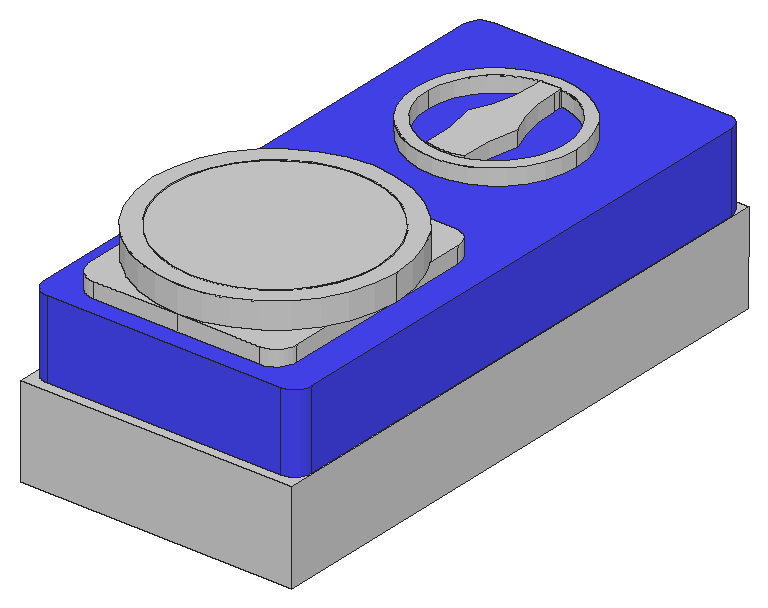
Revit family "Building-ConnessioniIEC309-GEWISS-67IB-PRESE-INTERBLOCCATE_IP67_CON_FONDO", category Apparecchi elettrici, host Superficie, Revit 2019
Family settings
  Host = Superficie
  Mantenere orientamento annotazione = Sì
  Quota connettore circolare = Usa diametro
  Tipo di parte = Normale
  Taglio con vuoti quando caricato = Sì
  Condiviso = Sì
  Punto di calcolo locali = Sì
Parameters (values of type "GW66257N - PR.BL IP67 C.F.3P+T 32A 380V 3H SBF")
  presa = Giallo
  giallo = 0 mm
  dist_piano [instance] = 27 mm
  Vista_2d_pianta [instance] = yes
  Versione file RFA = "21.4"
  URL = "https://www.gewiss.com/it/it"
  Tipologia = "Verticale"
  Termopressione con biglia = "125 °C (Presa IB) - 80 °C (Cassetta di fondo)"
  Tensione nominale: = "380 - 440 V"
  Tensione nominale = "380 - 440 V"
  Temperatura di utilizzo = "-25 +40 °C"
  Temperatura di funzionamento = "-25 ÷ +40 °C"
  Struttura = Grigio RAL - 7035
  Simbolo presa = PRESAINDSTAGNA : 3P
  Simbolo [instance] = yes
  Simb_circuito [instance] = not(Simbolo)  # no
  Scheda Tecnica = "https://www.gewiss.com/it/it/search?q=GW66257N"
  SEO = "Presa"
  Riferimento h = "3"
  Resistenza agli urti = "IK08"
  Protezione = "NO (SBF)"
  Default Elevation = 1219.2 mm
  Produttore = "GEWISS S.p.A."
  Numero di poli = "3P+T"
  N. poli = "3P+T"
  Modello = "GW66257N"
  Immagine tipo = E.jpg
  IDT = "80fd8aa3-f4ad-4bf9-871a-178f60767a59"
  IDF = "2488cdfe-ec7b-4723-8311-f4c1a43a8eac"
  Grado di protezione = "IP67"
  Glow wire test: = "850 °C (Presa IB) - 650 °C (Cassetta di fondo)"
  Glow Wire Test = "850 °C (Presa IB) - 650 °C (Cassetta di fondo)"
  Frequenza nominale (Hz) = "50/60 Hz"
  Frequenza = "50/60 Hz"
  Distanza x [instance] = 0 mm
  Distanza orizzontale simbolo [instance] = 100 mm
  Distanza effettiva x [instance] = 1500 mm - Distanza x  # 1500 mm
  Descrizione = "PR.BL IP67 C.F.3P+T 32A 380V 3H SBF"
  Creato da GEWISS S.p.A. = ""
  Corrente nominale (In) = "32"
  Corrente nominale (A) = "32"
  Corpo presa = GEWISS -BLU
  Cornice simbolo [instance] = yes
  Con fondo = "Si"
  Colore: = "Rosso"
  Colore = "Rosso"
  Codice Electrocod = "2222"
  Codice EAN = "8011564741522"
  Catalogo Serie = "67 IB"
  Catalogo = "BUILDING"
  COBie.Tagnumber = ""
  COBie.CreatedOn = ""
  COBie.CreatebBy = ""
  COBie.ComponentRegisterItemID = ""
  COBie.Component.TagNumber = ""
  COBie.Component.Space = ""
  COBie.Component.SerialNumber = ""
  COBie.Component.InstallationDate = ""
  COBie.Component.Description = ""
  COBie.Component.BarCode = ""
Types (23, lengths in mm): name | Tensione nominale: | Tensione nominale | Scheda Tecnica | Riferimento h | Numero di poli | N. poli | Modello | IDT | Descrizione | Corrente nominale (In) | Corrente nominale (A) | Colore: | Colore | Codice EAN
  GW66201N - PR.BL IP67 C.F.2P+T 16A 110V 4H SBF | "100 - 130 V" | "100 - 130 V" | "https://www.gewiss.com/it/it/search?q=GW66201N" | "4" | "2P+T" | "2P+T" | "GW66201N" | "cb72f7f9-7f0a-4201-b84c-91c5823f1453" | "PR.BL IP67 C.F.2P+T 16A 110V 4H SBF" | "16" | "16" | "Giallo" | "Giallo" | "8011564741140"
  GW66202N - PR.BL IP67 C.F.3P+T 16A 110V 4H SBF | "100 - 130 V" | "100 - 130 V" | "https://www.gewiss.com/it/it/search?q=GW66202N" | "4" | "3P+T" | "3P+T" | "GW66202N" | "0dcf502c-be8a-42b9-862e-1ccab0f64fc5" | "PR.BL IP67 C.F.3P+T 16A 110V 4H SBF" | "16" | "16" | "Giallo" | "Giallo" | "8011564741157"
  GW66203N - PR.BL IP67 C.F.3P+N+T 16A 110V 4H SBF | "100 - 130 V" | "100 - 130 V" | "https://www.gewiss.com/it/it/search?q=GW66203N" | "4" | "3P+N+T" | "3P+N+T" | "GW66203N" | "184d86d9-e7c0-408f-9c79-38152dc5fee9" | "PR.BL IP67 C.F.3P+N+T 16A 110V 4H SBF" | "16" | "16" | "Giallo" | "Giallo" | "8011564741164"
  GW66204N - PR.BL IP67 C.F.2P+T 16A 230V 6H SBF | "200 - 250 V" | "200 - 250 V" | "https://www.gewiss.com/it/it/search?q=GW66204N" | "6" | "2P+T" | "2P+T" | "GW66204N" | "2d209267-ed0d-4b69-82c9-7923641b8c07" | "PR.BL IP67 C.F.2P+T 16A 230V 6H SBF" | "16" | "16" | "Blu" | "Blu" | "8011564741171"
  GW66205N - PR.BL IP67 C.F.3P+T 16A 230V 9H SBF | "200 - 250 V" | "200 - 250 V" | "https://www.gewiss.com/it/it/search?q=GW66205N" | "9" | "3P+T" | "3P+T" | "GW66205N" | "94303877-47f4-4a12-aa2e-2e71f98f0ca8" | "PR.BL IP67 C.F.3P+T 16A 230V 9H SBF" | "16" | "16" | "Blu" | "Blu" | "8011564741188"
  GW66206N - PR.BL IP67 C.F.3P+N+T 16A 230V 9H SBF | "200 - 250 V" | "200 - 250 V" | "https://www.gewiss.com/it/it/search?q=GW66206N" | "9" | "3P+N+T" | "3P+N+T" | "GW66206N" | "59d94051-639b-4998-84aa-8bc0263cbf89" | "PR.BL IP67 C.F.3P+N+T 16A 230V 9H SBF" | "16" | "16" | "Blu" | "Blu" | "8011564741195"
  GW66207N - PR.BL IP67 C.F.2P+T 16A 400V 9H SBF | "380 - 415 V" | "380 - 415 V" | "https://www.gewiss.com/it/it/search?q=GW66207N" | "9" | "2P+T" | "2P+T" | "GW66207N" | "16237c7b-8100-457f-99f2-64cdd3f1f873" | "PR.BL IP67 C.F.2P+T 16A 400V 9H SBF" | "16" | "16" | "Rosso" | "Rosso" | "8011564741201"
  GW66208N - PR.BL IP67 C.F.3P+T 16A 400V 6H SBF | "380 - 415 V" | "380 - 415 V" | "https://www.gewiss.com/it/it/search?q=GW66208N" | "6" | "3P+T" | "3P+T" | "GW66208N" | "c2f29120-7b4f-480f-8c95-4800a6710925" | "PR.BL IP67 C.F.3P+T 16A 400V 6H SBF" | "16" | "16" | "Rosso" | "Rosso" | "8011564741218"
  GW66209N - PR.BL IP67 C.F.3P+N+T 16A 400V 6H SBF | "380 - 415 V" | "380 - 415 V" | "https://www.gewiss.com/it/it/search?q=GW66209N" | "6" | "3P+N+T" | "3P+N+T" | "GW66209N" | "5272793f-973f-4159-b80c-743e6c77a5fb" | "PR.BL IP67 C.F.3P+N+T 16A 400V 6H SBF" | "16" | "16" | "Rosso" | "Rosso" | "8011564742512"
  GW66210N - PR.BL IP67 C.F.3P+T 16A 500V 7H SBF | "480 - 500 V" | "480 - 500 V" | "https://www.gewiss.com/it/it/search?q=GW66210N" | "7" | "3P+T" | "3P+T" | "GW66210N" | "19fd7598-134e-4528-aa06-66329b52d1c4" | "PR.BL IP67 C.F.3P+T 16A 500V 7H SBF" | "16" | "16" | "Nero" | "Nero" | "8011564741225"
  GW66211N - PR.BL IP67 C.F.3P+N+T 16A 500V 7H SBF | "480 - 500 V" | "480 - 500 V" | "https://www.gewiss.com/it/it/search?q=GW66211N" | "7" | "3P+N+T" | "3P+N+T" | "GW66211N" | "1291eb7b-8ece-4366-82a7-713bd9d4c5bd" | "PR.BL IP67 C.F.3P+N+T 16A 500V 7H SBF" | "16" | "16" | "Nero" | "Nero" | "8011564741232"
  GW66212N - PR.BL IP67 C.F.2P+T 32A 110V 4H SBF | "100 - 130 V" | "100 - 130 V" | "https://www.gewiss.com/it/it/search?q=GW66212N" | "4" | "2P+T" | "2P+T" | "GW66212N" | "a7014485-88cd-4663-90c1-d45883ee1a3e" | "PR.BL IP67 C.F.2P+T 32A 110V 4H SBF" | "32" | "32" | "Giallo" | "Giallo" | "8011564741249"
  GW66213N - PR.BL IP67 C.F.3P+T 32A 110V 4H SBF | "100 - 130 V" | "100 - 130 V" | "https://www.gewiss.com/it/it/search?q=GW66213N" | "4" | "3P+T" | "3P+T" | "GW66213N" | "773868ec-4e90-4d60-993f-5d3613b83e74" | "PR.BL IP67 C.F.3P+T 32A 110V 4H SBF" | "32" | "32" | "Giallo" | "Giallo" | "8011564741256"
  GW66214N - PR.BL IP67 C.F.3P+N+T 32A 110V 4H SBF | "100 - 130 V" | "100 - 130 V" | "https://www.gewiss.com/it/it/search?q=GW66214N" | "4" | "3P+N+T" | "3P+N+T" | "GW66214N" | "73b4fe93-8f5d-489d-b8ff-9db2277967e4" | "PR.BL IP67 C.F.3P+N+T 32A 110V 4H SBF" | "32" | "32" | "Giallo" | "Giallo" | "8011564741263"
  GW66215N - PR.BL IP67 C.F.2P+T 32A 230V 6H SBF | "200 - 250 V" | "200 - 250 V" | "https://www.gewiss.com/it/it/search?q=GW66215N" | "6" | "2P+T" | "2P+T" | "GW66215N" | "7c5a2dbc-7661-409a-8cde-4fe3c43c9152" | "PR.BL IP67 C.F.2P+T 32A 230V 6H SBF" | "32" | "32" | "Blu" | "Blu" | "8011564742529"
  GW66216N - PR.BL IP67 C.F.3P+T 32A 230V 9H SBF | "200 - 250 V" | "200 - 250 V" | "https://www.gewiss.com/it/it/search?q=GW66216N" | "9" | "3P+T" | "3P+T" | "GW66216N" | "75a60151-02e0-469f-b5ab-243369899699" | "PR.BL IP67 C.F.3P+T 32A 230V 9H SBF" | "32" | "32" | "Blu" | "Blu" | "8011564741270"
  GW66217N - PR.BL IP67 C.F.3P+N+T 32A 230V 9H SBF | "200 - 250 V" | "200 - 250 V" | "https://www.gewiss.com/it/it/search?q=GW66217N" | "9" | "3P+N+T" | "3P+N+T" | "GW66217N" | "5c5219e3-570c-4b37-9c26-ccd0f91db2a3" | "PR.BL IP67 C.F.3P+N+T 32A 230V 9H SBF" | "32" | "32" | "Blu" | "Blu" | "8011564741287"
  GW66218N - PR.BL IP67 C.F.2P+T 32A 400V 9H SBF | "380 - 415 V" | "380 - 415 V" | "https://www.gewiss.com/it/it/search?q=GW66218N" | "9" | "2P+T" | "2P+T" | "GW66218N" | "a4f0a363-67a0-45a1-9c56-2c7c671ed975" | "PR.BL IP67 C.F.2P+T 32A 400V 9H SBF" | "32" | "32" | "Rosso" | "Rosso" | "8011564741294"
  GW66219N - PR.BL IP67 C.F.3P+T 32A 400V 6H SBF | "380 - 415 V" | "380 - 415 V" | "https://www.gewiss.com/it/it/search?q=GW66219N" | "6" | "3P+T" | "3P+T" | "GW66219N" | "1c875823-1061-4501-9153-9b2197ee7e05" | "PR.BL IP67 C.F.3P+T 32A 400V 6H SBF" | "32" | "32" | "Rosso" | "Rosso" | "8011564741300"
  GW66220N - PR.BL IP67 C.F.3P+N+T 32A 400V 6H SBF | "380 - 415 V" | "380 - 415 V" | "https://www.gewiss.com/it/it/search?q=GW66220N" | "6" | "3P+N+T" | "3P+N+T" | "GW66220N" | "c5cbd72d-c6c8-4fd0-95f8-4c2e169d80bd" | "PR.BL IP67 C.F.3P+N+T 32A 400V 6H SBF" | "32" | "32" | "Rosso" | "Rosso" | "8011564742536"
  GW66221N - PR.BL IP67 C.F.3P+T 32A 500V 7H SBF | "480 - 500 V" | "480 - 500 V" | "https://www.gewiss.com/it/it/search?q=GW66221N" | "7" | "3P+T" | "3P+T" | "GW66221N" | "7d925fd4-6606-4eae-84f8-1c0747b0b52f" | "PR.BL IP67 C.F.3P+T 32A 500V 7H SBF" | "32" | "32" | "Nero" | "Nero" | "8011564741317"
  GW66222N - PR.BL IP67 C.F.3P+N+T 32A 500V 7H SBF | "480 - 500 V" | "480 - 500 V" | "https://www.gewiss.com/it/it/search?q=GW66222N" | "7" | "3P+N+T" | "3P+N+T" | "GW66222N" | "18a484ed-e1bc-4810-9d09-e7b52835ea61" | "PR.BL IP67 C.F.3P+N+T 32A 500V 7H SBF" | "32" | "32" | "Nero" | "Nero" | "8011564741324"
  GW66257N - PR.BL IP67 C.F.3P+T 32A 380V 3H SBF | "380 - 440 V" | "380 - 440 V" | "https://www.gewiss.com/it/it/search?q=GW66257N" | "3" | "3P+T" | "3P+T" | "GW66257N" | "80fd8aa3-f4ad-4bf9-871a-178f60767a59" | "PR.BL IP67 C.F.3P+T 32A 380V 3H SBF" | "32" | "32" | "Rosso" | "Rosso" | "8011564741522"
Reference planes
  plane 1 "Centro (Fronte/Retro)": y = 0
  plane 2: z = 0
  plane 3 "Centro (Sinistra/Destra)": x = 0
  plane 4: z = -2
  plane 5: x = 0
  plane 6: x = -1500
  plane 7: x = 0
  plane 8: through (-170.762, -4572, -38.353) normal (-0.6157, 0, 0.788)
  plane 9: x = -51.152
  plane 10: x = 53.222
  plane 11: z = 60
  plane 12: y = -110
  plane 13: y = 110
  plane 14: z = 25
  plane 15: z = 107
Forms (mm)
  Extrusion 1, solid, detail levels coarse
    sketch origin (0, 0, 0) x (1, 0, 0) y (0, 0, 1)
      loop
        line (-51.152, 107) -> (-51.152, 25) -> (53.222, 25) -> (53.222, 107) -> (-51.152, 107)
    from -108.895 to 109.105
  Extrusion 2, solid, material "Grigio RAL - 7035" <- "Struttura"
    sketch origin (0, 0, 0) x (0, 1, 0) y (0, 0, 1)
      loop
        line (-110, 25) -> (110, 25) -> (110, 60) -> (-110, 60) -> (-110, 25)
    from -51.152 to 53.222
Lines and regions (mm)
  Masking region 1, visible <- "Vista_2d_pianta"
    outline origin (0, 0, 0) x (1, 0, 0) y (0, 0, 1)
      loop
        line (-50.384, 90) -> (-50.384, 60) -> (52.616, 60) -> (52.616, 90) -> (-50.384, 90)
  Masking region 2, visible <- "Vista_2d_pianta"
    outline origin (0, 0, 0) x (1, 0, 0) y (0, 0, 1)
      loop
        line (-40, 96) -> (-40, 90) -> (40, 90) -> (40, 96) -> (-40, 96)
  Masking region 3, visible <- "Vista_2d_pianta"
    outline origin (0, 0, 0) x (1, 0, 0) y (0, 0, 1)
      loop
        line (-46.899, 96) -> (46.899, 96) -> (46.899, 106) -> (-46.899, 106) -> (-46.899, 96)
  Masking region 4, visible <- "Vista_2d_pianta"
    outline origin (0, 0, 0) x (1, 0, 0) y (0, 0, 1)
      loop
        line (-51.152, 25) -> (53.222, 25) -> (53.222, 60) -> (-51.152, 60) -> (-51.152, 25)
Dimensions and locks
  locked: plane 2 to plane 4 at 2
  "Distanza effettiva x": plane 5 to plane 6
  plane 3 "Centro (Sinistra/Destra)" to plane 6 = 1500 mm
  plane 6 to plane 5 = 1500 mm
  "Distanza effettiva x": plane 6 to plane 7
  locked: plane 9 to Masking region 1 at 0.768
  locked: Masking region 1 to plane 10 at 0.606
  "dist_piano": plane 14 to plane 4
  equal spacing: plane 12, plane 1 "Centro (Fronte/Retro)", plane 13
  locked: plane 12 to plane 13 at 220
  locked: plane 11 to plane 14 at 35
  locked: plane 15 to plane 11 at 47
  angle plane 8 to plane 4 = 142.00°
  angle plane 7 to plane 8 = 128.00°
  aligned and locked: plane 2 to host face
  aligned and locked: level to host face
  aligned and locked: plane 3 "Centro (Sinistra/Destra)" to nested 1
  aligned and locked: Masking region 1 sketch curve to nested 1  (x4)
  aligned and locked: Masking region 2 sketch curve to nested 1  (x4)
  aligned and locked: Extrusion 1 sketch curve to plane 9
  aligned and locked: Extrusion 1 sketch curve to plane 10
  aligned and locked: nested 1 to plane 11
  aligned and locked: Masking region 3 sketch curve to nested 1  (x4)
  aligned and locked: Extrusion 2 sketch curve to plane 14
  aligned and locked: plane 12 to Extrusion 2 sketch curve
  aligned and locked: Extrusion 2 sketch curve to plane 11
  aligned and locked: plane 13 to Extrusion 2 sketch curve
  aligned and locked: plane 9 to Extrusion 2
  aligned and locked: Extrusion 2 to plane 10
  aligned and locked: Extrusion 1 to plane 14
  aligned and locked: Masking region 4 sketch curve to Extrusion 1
  aligned and locked: Extrusion 1 to Masking region 4 sketch curve
  aligned and locked: Masking region 4 sketch curve to Extrusion 2  (x2)
  aligned and locked: plane 15 to Extrusion 1
  aligned and locked: plane 7 to nested 2
  aligned and locked: plane 7 to nested 3
Automatic sketch dimensions
  host sketch curve to host sketch curve = 2438.4 mm  (x2)
  Extrusion 1 sketch curve to plane 11 = 35 mm
  plane 11 to Extrusion 1 sketch curve = 47 mm
Nested families
  nested 1: "IB PRESE INTERBLOC VERT_NO FONDO" at (0, 0, 60), type "IB PRESE INTERBLOC VERT_NO FONDO", detail levels medium+fine
  nested 2: "simbolo_circuitoGW66201N" at (0, 30.442, 0), Distanza dal muro <- "Distanza orizzontale simbolo", SIMBOLO ACCESO <- "Simb_circuito", type "3P"
    with SIMBOLO ACCESO no, Distanza dal muro 100 mm, BORDO ACCESO yes
  nested 3: "PRESAINDSTAGNA" at (0, 23.722, 0), Distanza dal muro <- "Distanza orizzontale simbolo", SIMBOLO ACCESO <- "Simbolo", type "3P"
    with SIMBOLO ACCESO yes, Distanza dal muro 100 mm, BORDO ACCESO yes
Definition of nested family "IB PRESE INTERBLOC VERT_NO FONDO"
  Parameters (values of type "IB PRESE INTERBLOC VERT_NO FONDO")
    corpo presa = none
    Struttura = none
    Spessore = 30 mm
    Raggio = 40 mm
    Default Elevation = 14 mm
    Presa = none
    Lunghezza = 103 mm
    IFC.TypeObject = ""
    IFC.ExportType = ""
    IFC.ExportAs = ""
    H_da terra = 586.883 mm
    COBie.CreatedOn = ""
    COBie.CreatebBy = ""
    COBie.ComponentRegisterItemID = ""
    COBie.Component.TagNumber = ""
    COBie.Component.Space = ""
    COBie.Component.SerialNumber = ""
    COBie.Component.InstallationDate = ""
    COBie.Component.Description = ""
    COBie.Component.BarCode = ""
    Altezza = 220 mm
  Reference planes
    plane 1 "Centro (Fronte/Retro)": y = 0
    plane 2: z = 0
    plane 3 "Centro (Sinistra/Destra)": x = 0
    plane 4: z = 6.883
    plane 5: z = 10.499
    plane 6 "presa": z = 46
    plane 7: z = 36
    plane 8: z = 30
    plane 9: x = -40
    plane 10: x = 40
    plane 11: y = -5.355
    plane 12: y = -98.612
    plane 13: y = -51.359
  Forms (mm)
    Extrusion 1, solid, material <- "Struttura"
      sketch origin (0, -697.104, -30) x (1, 0, 0) y (0, 1, 0)
        loop
          line (-0.408, 691.748) -> (-32.003, 691.748)
          spline (-32.003, 691.748) -> (-33.047, 691.681) -> (-34.073, 691.48) -> (-35.063, 691.148) -> (-36.002, 690.693) -> (-36.871, 690.12) -> (-37.658, 689.441) -> (-38.347, 688.666) -> (-38.929, 687.809) -> (-39.391, 686.885) -> (-39.728, 685.909) -> (-39.932, 684.898) -> (-40, 683.87)
          line (-40, 683.87) -> (-40, 606.37)
          spline (-40, 606.37) -> (-39.932, 605.341) -> (-39.728, 604.331) -> (-39.391, 603.355) -> (-38.929, 602.43) -> (-38.347, 601.574) -> (-37.658, 600.799) -> (-36.871, 600.119) -> (-36.002, 599.547) -> (-35.063, 599.091) -> (-34.073, 598.76) -> (-33.047, 598.559) -> (-32.003, 598.491)
          line (-32.003, 598.491) -> (0, 598.491) -> (32.003, 598.491)
          spline (32.003, 598.491) -> (33.047, 598.559) -> (34.073, 598.76) -> (35.063, 599.091) -> (36.002, 599.547) -> (36.871, 600.119) -> (37.658, 600.799) -> (38.347, 601.574) -> (38.929, 602.43) -> (39.391, 603.355) -> (39.728, 604.331) -> (39.932, 605.341) -> (40, 606.37)
          line (40, 606.37) -> (40, 683.87)
          spline (40, 683.87) -> (39.932, 684.898) -> (39.728, 685.909) -> (39.391, 686.885) -> (38.929, 687.809) -> (38.347, 688.666) -> (37.658, 689.441) -> (36.871, 690.12) -> (36.002, 690.693) -> (35.063, 691.148) -> (34.073, 691.48) -> (33.047, 691.681) -> (32.003, 691.748)
          line (32.003, 691.748) -> (-0.408, 691.748)
      from 60 to 66
    Extrusion 2, solid, material <- "Presa"
      sketch origin (0, -700.854, -30) x (1, 0, 0) y (0, 1, 0)
        loop
          circle (0, 649.495) r 46.899
        loop
          circle (0, 649.495) r 40
      from 66 to 76
    Extrusion 3, solid, material <- "Struttura"
      sketch origin (0, -697.104, -30) x (1, 0, 0) y (0, 1, 0)
        loop
          circle (0, 752.384) r 30.831
        loop
          circle (0, 752.384) r 26.483
      from 60 to 66
    Extrusion 4, solid, material <- "Struttura"
      sketch origin (0, -697.104, -30) x (1, 0, 0) y (0, 1, 0)
        loop
          arc (-9.552, 750.899) -> (-7.429, 739.645) -> (-7.314, 728.193) r 64.983
          arc (-7.314, 728.193) -> (-0.131, 727.067) -> (7.064, 728.115) r 24.316
          arc (7.064, 728.115) -> (7.302, 739.566) -> (9.547, 750.796) r 64.983
          arc (9.547, 750.796) -> (5.519, 762.425) -> (4.215, 774.661) r 54.251
          line (4.215, 774.661) -> (4.25, 777.658)
          arc (4.25, 777.658) -> (3.985, 778.329) -> (3.336, 778.647) r 1
          arc (3.336, 778.647) -> (0.147, 778.794) -> (-3.043, 778.682) r 39.364
          arc (-3.043, 778.682) -> (-3.695, 778.371) -> (-3.967, 777.702) r 1
          line (-3.967, 777.702) -> (-3.964, 774.706)
          arc (-3.964, 774.706) -> (-5.4, 762.483) -> (-9.552, 750.899) r 54.251
      from 60 to 66
    Extrusion 5, solid, material <- "corpo presa"
      sketch origin (-2.5, -699.604, -30) x (1, 0, 0) y (0, 1, 0)
        loop
          arc (55.116, 802.193) -> (53.269, 806.652) -> (48.81, 808.499) r 6.306
          line (48.81, 808.499) -> (-41.578, 808.499)
          arc (-41.578, 808.499) -> (-46.037, 806.652) -> (-47.884, 802.193) r 6.306
          line (-47.884, 802.193) -> (-47.884, 600.052)
          arc (-47.884, 600.052) -> (-45.976, 595.446) -> (-41.369, 593.537) r 6.515
          line (-41.369, 593.537) -> (48.601, 593.537)
          arc (48.601, 593.537) -> (53.208, 595.446) -> (55.116, 600.052) r 6.515
          line (55.116, 600.052) -> (55.116, 802.193)
      from 30 to 60
    Extrusion 6, solid, material <- "Struttura", not visible
      sketch origin (0, 47.014, -580) x (1, 0, 0) y (0, 0, 1)
        loop
          line (-0.408, 691.748) -> (-29.506, 691.748)
          spline (-29.506, 691.748) -> (-30.55, 691.681) -> (-31.576, 691.48) -> (-32.567, 691.148) -> (-33.505, 690.693) -> (-34.375, 690.12) -> (-35.161, 689.441) -> (-35.851, 688.666) -> (-36.432, 687.809) -> (-36.895, 686.885) -> (-37.231, 685.909) -> (-37.435, 684.898) -> (-37.503, 683.87)
          line (-37.503, 683.87) -> (-37.503, 615.12)
          spline (-37.503, 615.12) -> (-37.435, 614.091) -> (-37.231, 613.081) -> (-36.895, 612.105) -> (-36.432, 611.18) -> (-35.851, 610.324) -> (-35.161, 609.549) -> (-34.375, 608.869) -> (-33.505, 608.297) -> (-32.567, 607.841) -> (-31.576, 607.51) -> (-30.55, 607.309) -> (-29.506, 607.241)
          line (-29.506, 607.241) -> (0, 607.241) -> (29.506, 607.241)
          spline (29.506, 607.241) -> (30.55, 607.309) -> (31.576, 607.51) -> (32.567, 607.841) -> (33.505, 608.297) -> (34.375, 608.869) -> (35.161, 609.549) -> (35.851, 610.324) -> (36.432, 611.18) -> (36.895, 612.105) -> (37.231, 613.081) -> (37.435, 614.091) -> (37.503, 615.12)
          line (37.503, 615.12) -> (37.503, 683.87)
          spline (37.503, 683.87) -> (37.435, 684.898) -> (37.231, 685.909) -> (36.895, 686.885) -> (36.432, 687.809) -> (35.851, 688.666) -> (35.161, 689.441) -> (34.375, 690.12) -> (33.505, 690.693) -> (32.567, 691.148) -> (31.576, 691.48) -> (30.55, 691.681) -> (29.506, 691.748)
          line (29.506, 691.748) -> (-0.408, 691.748)
      from 51.991 to 55.821
    Extrusion 7, solid, material <- "Presa", not visible
      sketch origin (0, 47.014, -580) x (1, 0, 0) y (0, 0, 1)
        loop
          circle (0, 646.456) r 46.899
      from 55.821 to 62.709
    Extrusion 8, solid, material <- "Struttura", not visible
      sketch origin (0, 47.014, -580) x (1, 0, 0) y (0, 0, 1)
        loop
          circle (0, 752.384) r 30.831
        loop
          circle (0, 752.384) r 26.483
      from 51.991 to 62.709
    Extrusion 9, solid, material <- "Struttura", not visible
      sketch origin (0, 47.014, -580) x (1, 0, 0) y (0, 0, 1)
        loop
          arc (-9.552, 750.899) -> (-7.429, 739.645) -> (-7.314, 728.193) r 64.983
          arc (-7.314, 728.193) -> (-0.131, 727.067) -> (7.064, 728.115) r 24.316
          arc (7.064, 728.115) -> (7.302, 739.566) -> (9.547, 750.796) r 64.983
          arc (9.547, 750.796) -> (5.519, 762.425) -> (4.215, 774.661) r 54.251
          line (4.215, 774.661) -> (4.25, 777.658)
          arc (4.25, 777.658) -> (3.985, 778.329) -> (3.336, 778.647) r 1
          arc (3.336, 778.647) -> (0.147, 778.794) -> (-3.043, 778.682) r 39.364
          arc (-3.043, 778.682) -> (-3.695, 778.371) -> (-3.967, 777.702) r 1
          line (-3.967, 777.702) -> (-3.964, 774.706)
          arc (-3.964, 774.706) -> (-5.4, 762.483) -> (-9.552, 750.899) r 54.251
      from 51.991 to 62.709
    Extrusion 10, solid, material <- "corpo presa", not visible
      sketch origin (0, 47.014, -580) x (1, 0, 0) y (0, 0, 1)
        loop
          arc (47.884, 796.962) -> (46.037, 801.42) -> (41.578, 803.267) r 6.306
          line (41.578, 803.267) -> (-41.578, 803.267)
          arc (-41.578, 803.267) -> (-46.037, 801.42) -> (-47.884, 796.962) r 6.306
          line (-47.884, 796.962) -> (-47.884, 597.014)
          arc (-47.884, 597.014) -> (-45.976, 592.407) -> (-41.369, 590.499) r 6.515
          line (-41.369, 590.499) -> (41.369, 590.499)
          arc (41.369, 590.499) -> (45.976, 592.407) -> (47.884, 597.014) r 6.515
          line (47.884, 597.014) -> (47.884, 796.962)
      from 30 to 51.991
    Extrusion 11, solid, material <- "Struttura"
      sketch origin (1.116, -3.75, 0) x (1, 0, 0) y (0, 1, 0)
        loop
          circle (-1.116, -47.609) r 40
      from 36 to 46
  Lines and regions (mm)
    symbolic lines
      curve 1: line (0, 0, 46) -> (0, -106.066, 46)
      curve 2: line (-40, -51.359, 46) -> (40, -51.359, 46)
  Dimensions and locks
    locked: plane 5 to plane 4 at 3.616
    Extrusion 5 sketch curve to Extrusion 5 sketch curve = 103 mm
    plane 6 "presa" to plane 2 = 46 mm
    locked: plane 7 to plane 6 "presa" at 10
    plane 8 to plane 2 = 30 mm
    locked: plane 8 to plane 7 at 6
    equal spacing: plane 9, plane 3 "Centro (Sinistra/Destra)", plane 10
    locked: plane 9 to plane 10 at 80
    Extrusion 1 to Extrusion 1 = 93.257 mm
    "Raggio": radius of Extrusion 11 sketch curve
    "Raggio": radius of Extrusion 2 sketch curve
    aligned and locked: level to plane 2
    aligned and locked: Extrusion 3 to Extrusion 5
    aligned and locked: Extrusion 4 to Extrusion 3
    aligned and locked: Extrusion 3 to Extrusion 4
    aligned and locked: Extrusion 2 to Extrusion 1
    aligned and locked: Extrusion 5 to level
    aligned and locked: plane 6 "presa" to Extrusion 2
    aligned and locked: Extrusion 11 to Extrusion 1
    aligned and locked: plane 6 "presa" to Extrusion 11
    aligned and locked: Extrusion 1 to plane 7
    aligned and locked: Extrusion 5 to plane 8
    aligned and locked: plane 8 to Extrusion 1
    aligned and locked: Extrusion 3 to plane 7
    aligned and locked: curve 1 to plane 3 "Centro (Sinistra/Destra)"
    aligned and locked: Extrusion 1 sketch curve to plane 9
    aligned and locked: Extrusion 1 sketch curve to plane 10
    aligned and locked: plane 12 to Extrusion 1 sketch curve
    aligned and locked: curve 2 to plane 13
    aligned and locked: plane 3 "Centro (Sinistra/Destra)" to Extrusion 11 sketch curve
    aligned and locked: plane 13 to Extrusion 11 sketch curve
  Automatic sketch dimensions
    Extrusion 1 sketch curve to plane 3 "Centro (Sinistra/Destra)" = 0 mm
    Extrusion 1 sketch curve to plane 3 "Centro (Sinistra/Destra)" = 0.408 mm
    Extrusion 1 sketch curve to Extrusion 1 sketch curve = 32.003 mm
    plane 1 "Centro (Fronte/Retro)" to Extrusion 1 sketch curve = 5.355 mm
    Extrusion 1 sketch curve to Extrusion 1 sketch curve = 7.997 mm  (x2)
    plane 3 "Centro (Sinistra/Destra)" to Extrusion 1 sketch curve = 32.003 mm
    Extrusion 1 sketch curve to Extrusion 1 sketch curve = 7.878 mm  (x3)
    Extrusion 3 sketch curve to Extrusion 3 sketch curve = 0 mm  (x2)
    Extrusion 3 sketch curve to plane 3 "Centro (Sinistra/Destra)" = 0 mm
    Extrusion 3 sketch curve to plane 1 "Centro (Fronte/Retro)" = 55.28 mm
    Extrusion 4 sketch curve to plane 3 "Centro (Sinistra/Destra)" = 0 mm
    Extrusion 4 sketch curve to plane 3 "Centro (Sinistra/Destra)" = 0.064 mm
    Extrusion 4 sketch curve to plane 3 "Centro (Sinistra/Destra)" = 2.967 mm
    Extrusion 4 sketch curve to Extrusion 4 sketch curve = 0.997 mm
    Extrusion 4 sketch curve to Extrusion 4 sketch curve = 1 mm  (x2)
    Extrusion 4 sketch curve to Extrusion 4 sketch curve = 54.251 mm
    Extrusion 4 sketch curve to Extrusion 4 sketch curve = 13.883 mm
    plane 3 "Centro (Sinistra/Destra)" to Extrusion 4 sketch curve = 3.25 mm
    Extrusion 4 sketch curve to Extrusion 4 sketch curve = 0.965 mm
    Extrusion 4 sketch curve to Extrusion 4 sketch curve = 54.25 mm
    Extrusion 4 sketch curve to Extrusion 4 sketch curve = 13.435 mm
    Extrusion 4 sketch curve to plane 1 "Centro (Fronte/Retro)" = 35.393 mm
    Extrusion 4 sketch curve to plane 1 "Centro (Fronte/Retro)" = 36.167 mm
    Extrusion 4 sketch curve to plane 1 "Centro (Fronte/Retro)" = 42.327 mm
    Extrusion 4 sketch curve to Extrusion 4 sketch curve = 11.953 mm
    Extrusion 4 sketch curve to Extrusion 4 sketch curve = 41.757 mm
    Extrusion 4 sketch curve to Extrusion 4 sketch curve = 23.278 mm
    Extrusion 4 sketch curve to Extrusion 4 sketch curve = 0.044 mm
    Extrusion 4 sketch curve to Extrusion 4 sketch curve = 41.61 mm
    Extrusion 4 sketch curve to Extrusion 4 sketch curve = 2.99 mm
    Extrusion 4 sketch curve to Extrusion 4 sketch curve = 0.007 mm
    Extrusion 4 sketch curve to Extrusion 4 sketch curve = 2.979 mm
    Extrusion 4 sketch curve to Extrusion 4 sketch curve = 0.018 mm
    Extrusion 4 sketch curve to Extrusion 4 sketch curve = 0 mm
    Extrusion 4 sketch curve to plane 3 "Centro (Sinistra/Destra)" = 7.314 mm
    Extrusion 4 sketch curve to Extrusion 4 sketch curve = 9.552 mm
    plane 3 "Centro (Sinistra/Destra)" to Extrusion 4 sketch curve = 7.064 mm
    Extrusion 5 sketch curve to plane 3 "Centro (Sinistra/Destra)" = 50.384 mm
    Extrusion 5 sketch curve to Extrusion 5 sketch curve = 6.306 mm  (x2)
    Extrusion 5 sketch curve to Extrusion 5 sketch curve = 6.515 mm  (x2)
    Extrusion 5 sketch curve to plane 1 "Centro (Fronte/Retro)" = 102.59 mm
    Extrusion 1 sketch curve to plane 12 = 7.878 mm
    plane 12 to Extrusion 5 sketch curve = 0.939 mm
    plane 1 "Centro (Fronte/Retro)" to curve 1 = 0 mm
    curve 2 to plane 9 = 0 mm
    curve 2 to plane 10 = 0 mm
    plane 12 to curve 1 = 7.454 mm
    Extrusion 2 sketch curve to Extrusion 2 sketch curve = 0 mm  (x2)
    Extrusion 2 sketch curve to plane 3 "Centro (Sinistra/Destra)" = 0 mm
    Extrusion 2 sketch curve to plane 13 = 0 mm
    radius of Extrusion 3 sketch curve = 30.831 mm
    radius of Extrusion 3 sketch curve = 26.483 mm
    radius of Extrusion 2 sketch curve = 46.899 mm
Definition of nested family "simbolo_circuitoGW66201N"
  Parameters (values of type "3P")
    SIMBOLO ACCESO [instance] = yes
    SIMBOLO = PRESAINDSTAGNA_BASE : 3P
    Distanza dal muro [instance] = 0 mm
    BORDO ACCESO [instance] = yes
  Reference planes
    plane 1: y = 0
    plane 2: x = 0
  Dimensions and locks
    "Distanza dal muro": plane 1 to nested 1
    aligned and locked: plane 2 to nested 1
  Nested families
    nested 1: "GW66201N-simb_base_di circuito" at (0, 0, 0), visible <- "SIMBOLO ACCESO", type "3P"
      with CORNICE SIMBOLO yes
  Definition of nested family "GW66201N-simb_base_di circuito"
    Parameters (values of type "3P")
      CORNICE SIMBOLO [instance] = yes
      3P = yes
    Types (2, lengths in mm): name | 3P
      3P | yes
      2P | no
    Reference planes
      plane 1: y = 0
      plane 2: x = 0
    Lines and regions (mm)
      detail lines, not visible
        curve 1: line (-2.443, 10.208, 0) -> (2.057, 10.208, 0)
        curve 2: line (2.057, 10.208, 0) -> (2.057, 4.208, 0)
        curve 3: line (2.057, 4.208, 0) -> (-2.443, 4.208, 0)
        curve 4: line (-2.443, 4.208, 0) -> (-2.443, 10.208, 0)
        curve 5: line (-2.043, 9.808, 0) -> (1.657, 9.808, 0)
        curve 6: line (1.657, 9.808, 0) -> (1.657, 4.608, 0)
        curve 7: line (1.657, 4.608, 0) -> (-2.043, 4.608, 0)
        curve 8: line (-2.043, 4.608, 0) -> (-2.043, 9.808, 0)
    Dimensions and locks
      aligned and locked: import instance to plane 2
      aligned and locked: plane 1 to import instance
Definition of nested family "PRESAINDSTAGNA"
  Parameters (values of type "3P")
    SIMBOLO ACCESO [instance] = yes
    SIMBOLO = PRESAINDSTAGNA_BASE : 3P
    Distanza dal muro [instance] = 0 mm
    BORDO ACCESO [instance] = yes
  Types (2): name
    2P
    3P
  Reference planes
    plane 1: y = 0
    plane 2: x = 0
  Dimensions and locks
    "Distanza dal muro": plane 1 to nested 1
    aligned and locked: plane 2 to nested 1
  Nested families
    nested 1: "PRESAINDSTAGNA_BASE" at (0, 0, 0), type <- "SIMBOLO", CORNICE SIMBOLO <- "BORDO ACCESO", visible <- "SIMBOLO ACCESO", type "3P"
  Definition of nested family "PRESAINDSTAGNA_BASE"
    Parameters (values of type "3P")
      CORNICE SIMBOLO [instance] = yes
      3P = yes
    Types (2, lengths in mm): name | 3P
      3P | yes
      2P | no
    Reference planes
      plane 1: y = 0
      plane 2: x = 0
    Lines and regions (mm)
      detail lines, not visible
        curve 1: line (-2.443, 10.208, 0) -> (2.057, 10.208, 0)
        curve 2: line (2.057, 10.208, 0) -> (2.057, 4.208, 0)
        curve 3: line (2.057, 4.208, 0) -> (-2.443, 4.208, 0)
        curve 4: line (-2.443, 4.208, 0) -> (-2.443, 10.208, 0)
        curve 5: line (-2.043, 9.808, 0) -> (1.657, 9.808, 0)
        curve 6: line (1.657, 9.808, 0) -> (1.657, 4.608, 0)
        curve 7: line (1.657, 4.608, 0) -> (-2.043, 4.608, 0)
        curve 8: line (-2.043, 4.608, 0) -> (-2.043, 9.808, 0)
      detail lines
        curve 9: line (-0.333, 0.928, 0) -> (-0.05, 0.928, 0)
        curve 10: line (-0.05, 0.928, 0) -> (0.417, 1.737, 0)
        curve 11: line (0.417, 1.737, 0) -> (0.764, 1.537, 0)
        curve 12: line (-0.05, 0.928, 0) -> (-0.333, 0.437, 0)
        curve 13: line (-0.333, 0.437, 0) -> (-0.333, 2.059, 0)
        curve 14: line (0.222, 1.399, 0) -> (0.569, 1.199, 0)
        curve 15: line (-0.723, 0.437, 0) -> (0.057, 0.437, 0)
        curve 16: line (-0.333, 0.81, 0) -> (-0.216, 0.928, 0)
        curve 17: line (-0.333, 0.741, 0) -> (-0.147, 0.928, 0)
        curve 18: line (-0.333, 0.672, 0) -> (-0.078, 0.928, 0)
        curve 19: line (-0.333, 0.603, 0) -> (-0.106, 0.831, 0)
        curve 20: line (-0.333, 0.534, 0) -> (-0.2, 0.668, 0)
        curve 22: arc (-0.723, 0.047, 0) -> (-0.333, 0.437, 0) -> (0.057, 0.047, 0) r 0.39
        curve 23: line (-0.8, 2.1, 0) -> (0.8, 2.1, 0)
        curve 24: line (-0.8, 0, 0) -> (-0.8, 2.1, 0)
        curve 25: line (0.8, 0, 0) -> (-0.8, 0, 0)
        curve 26: line (0.8, 2.1, 0) -> (0.8, 0, 0)
      detail lines, visible <- "3P"
        curve 21: line (0.028, 1.061, 0) -> (0.374, 0.861, 0)
